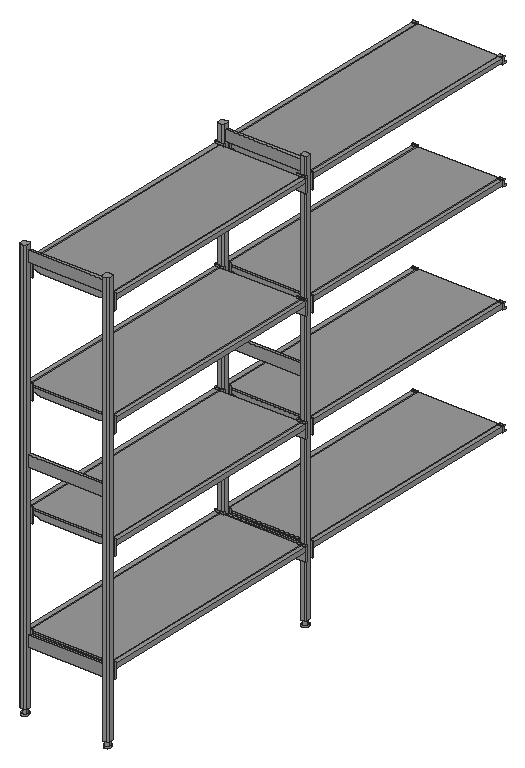
Revit family "QF_ELECTROLUXPROFESSIONAL_137064_ACS2016", category Attrezzature speciali, Revit 2020 (continued)
Definition of nested family "WT_Aggancio373"
  Lines and regions (mm)
    symbolic lines
      curve 8: line (-408, 3.978, 0) -> (-408, 23, 0)
  Dimensions and locks
    "Height": plane 5 "TOP" to level
    "Depth": plane 3 "BACK" to plane 4 "FRONT"
    "Dint": plane 7 to plane 8
    equal spacing: plane 7, plane 6 "Center (Front/Back)", plane 8
    equal spacing: plane 3 "BACK", plane 6 "Center (Front/Back)", plane 4 "FRONT"
    plane 9 "FEET" to level = 25.0 mm
    plane 5 "TOP" to plane 9 "FEET" = 1700.0 mm
    plane 10 to plane 9 "FEET" = 250.0 mm
    plane 11 to plane 10 = 450.0 mm
    plane 12 to plane 11 = 450.0 mm
    plane 13 to plane 12 = 450.0 mm
    locked: plane 3 "BACK" to plane 15 "CYBack" at 17.5
    locked: plane 16 "CYFront" to plane 4 "FRONT" at 17.5
    aligned and locked: level to plane 1
    aligned and locked: Extrusion 1 sketch curve to Extrusion 1 sketch curve  (x3)
  Automatic sketch dimensions
    plane 16 "CYFront" to Extrusion 1 sketch curve = 1.478 mm  (x4)
    Extrusion 1 sketch curve to Extrusion 1 sketch curve = 2.0 mm
    plane 8 to Extrusion 1 sketch curve = 3.478 mm  (x4)
    Extrusion 1 sketch curve to plane 10 = 4.006 mm
    Extrusion 1 sketch curve to Extrusion 1 sketch curve = 34.0 mm  (x4)
    Extrusion 1 sketch curve to plane 11 = 4.006 mm
    Extrusion 1 sketch curve to plane 12 = 4.006 mm
    Extrusion 1 sketch curve to plane 13 = 4.006 mm
    Extrusion 1 sketch curve to plane 7 = 37.522 mm  (x4)
    Extrusion 1 sketch curve to plane 7 = 3.522 mm  (x4)
    plane 14 to Extrusion 1 sketch curve = 3.516 mm  (x4)
    plane 14 to Extrusion 1 sketch curve = 1.522 mm  (x4)
    plane 10 to Extrusion 1 sketch curve = 7.998 mm  (x2)
    Extrusion 1 sketch curve to Extrusion 1 sketch curve = 11.498 mm  (x4)
    Extrusion 1 sketch curve to Extrusion 1 sketch curve = 6.499 mm  (x8)
    plane 11 to Extrusion 1 sketch curve = 7.998 mm  (x2)
    plane 12 to Extrusion 1 sketch curve = 7.998 mm  (x2)
    plane 13 to Extrusion 1 sketch curve = 7.998 mm  (x2)
    plane 2 "LEFT" to Extrusion 2 sketch curve = 0.0 mm  (x4)
    plane 13 to Extrusion 2 sketch curve = 7.996 mm
    plane 11 to Extrusion 2 sketch curve = 7.996 mm
    Extrusion 2 sketch curve to Extrusion 2 sketch curve = 5.0 mm  (x4)
    plane 11 to Extrusion 2 sketch curve = 2.494 mm
    plane 10 to Extrusion 2 sketch curve = 28.996 mm
    Extrusion 2 sketch curve to Extrusion 2 sketch curve = 3.0 mm  (x4)
    plane 10 to Extrusion 2 sketch curve = 7.996 mm
    plane 10 to Extrusion 2 sketch curve = 2.494 mm
    Extrusion 2 sketch curve to Extrusion 2 sketch curve = 18.0 mm  (x3)
    plane 12 to Extrusion 2 sketch curve = 2.494 mm
    plane 12 to Extrusion 2 sketch curve = 7.996 mm
    plane 13 to Extrusion 2 sketch curve = 2.494 mm
    plane 2 "LEFT" to Extrusion 3 sketch curve = 0.0 mm  (x4)
    plane 13 to Extrusion 3 sketch curve = 7.996 mm
    plane 11 to Extrusion 3 sketch curve = 7.996 mm
    Extrusion 3 sketch curve to Extrusion 3 sketch curve = 5.0 mm  (x4)
    plane 11 to Extrusion 3 sketch curve = 2.494 mm
    plane 10 to Extrusion 3 sketch curve = 28.996 mm
    Extrusion 3 sketch curve to Extrusion 3 sketch curve = 3.0 mm  (x4)
    plane 10 to Extrusion 3 sketch curve = 7.996 mm
    plane 10 to Extrusion 3 sketch curve = 2.494 mm
    Extrusion 3 sketch curve to Extrusion 3 sketch curve = 18.0 mm  (x3)
    plane 12 to Extrusion 3 sketch curve = 2.494 mm
    plane 12 to Extrusion 3 sketch curve = 7.996 mm
    plane 13 to Extrusion 3 sketch curve = 2.494 mm
    plane 2 "LEFT" to curve 1 = 5.0 mm
    plane 2 "LEFT" to curve 7 = 5.0 mm
    curve 1 to plane 16 "CYFront" = 17.5 mm
    curve 3 to plane 8 = 12.522 mm
    plane 7 to curve 5 = 12.478 mm
    curve 7 to plane 14 = 17.5 mm
    curve 5 to curve 5 = 4.0 mm
    curve 1 to curve 4 = 4.0 mm
    Extrusion 2 sketch curve to Extrusion 2 sketch curve = 4.0 mm  (x4)
    Extrusion 2 sketch curve to Extrusion 2 sketch curve = 8.969 mm  (x4)
    Extrusion 3 sketch curve to Extrusion 3 sketch curve = 4.0 mm  (x4)
    Extrusion 3 sketch curve to Extrusion 3 sketch curve = 8.969 mm  (x4)
